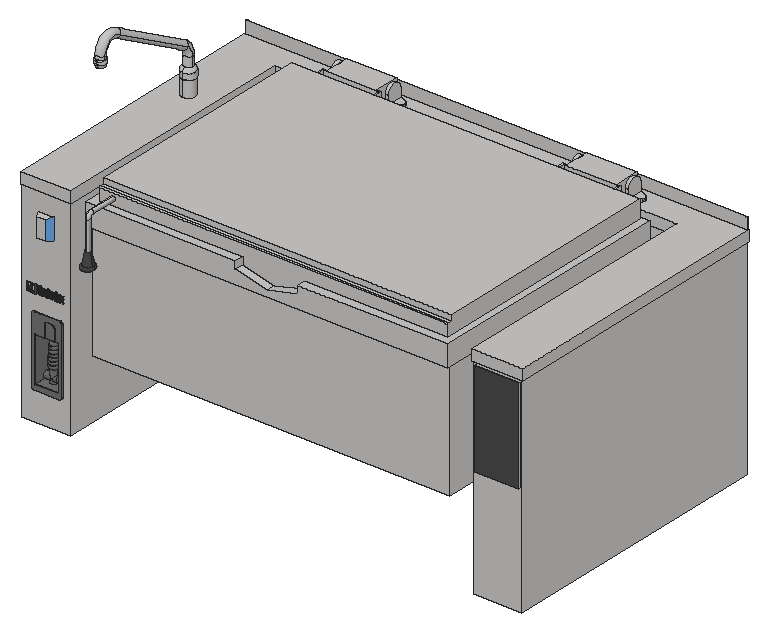
Revit family "QF_ELECTROLUXPROFESSIONAL_586957_PFET17ELES", category Specialty Equipment, Revit 2018
Family settings
  Round Connector Dimension = Use Radius
  Part Type = Normal
  Work Plane-Based = No
  Always vertical = Yes
  Cut with Voids When Loaded = No
  Shared = Yes
  Room Calculation Point = No
Parameters (values of type "Standard")
  Weight = 300.00 kg
  Watts = 0 W
  Volts = 400 V
  URL Manufacturer = "http://professional.electrolux.com"
  URL = "http://professional.electrolux.com"
  Steam Supply Size = 0"
  Steam Supply Minimum Pressure = 0.00 psi
  Steam Supply Maximum Pressure = 0.00 psi
  Steam Pounds per Hour = 0
  Show Logo [instance] = yes
  Refrigeration Suction Line Size = 0"
  Refrigeration Liquid Line Size = 0"
  Refrigerant Compressor Remote = yes
  Plinth Base Finish [instance] = QF_Finishes_Concrete
  Plinth Base [instance] = not(Base Height = 500.00 mm)  # yes
  Phase = 3
  Model = "PFET17ELES"
  Manufacturer = "Electrolux Professional"
  Length Actual = 1600.00 mm  # constant formula
  Item Number = "586957"
  Hot Water Size = 1/2"
  Height Actual = 700.00 mm  # constant formula
  HP = "27.6 HP"
  Gas Size = 0"
  Gas KW = 0
  Gas Input Pressure = 0.0 Btu/h
  Direct Waste Size = 0"
  Description = "EL. TILTING BRAISING PAN,AUTO H/C WATER FILL INLET,SPRAY GUN, 170L,H700,COMPOUND,BS,FS,D900,REAR CLS KIT,GUID.COOK.S"
  Depth Actual = 900.00 mm  # constant formula
  Cycle = 50 Hz
  Condensate Return Size = 0"
  Compressed Air Volume = 0 GPM
  Compressed Air Size = 0"
  Compressed Air Pressure = 0.00 psi
  Cold Water Size = 1/2"
  Bracket [instance] = Base Height = 500.00 mm  # no
  Body Finish [instance] = QF_Finishes_Stainless Steel
  Base Height = 200.00 mm
  Show Clearance [instance] = yes
  Assembly Code = ""
  Accessory = yes
Reference planes
  plane 1 "BACK": y = 0
  plane 2: z = 0
  plane 3 "LEFT": x = 0
  plane 4 "RIGHT": x = 1600
  plane 5 "FRONT": y = -900
  plane 6 "TOP": z = 900
  plane 7: z = 200
  plane 8 "Center": x = 800
  plane 9: y = -450
  plane 10: y = -920
  plane 11: z = 913.881
  plane 12: z = 1845
  plane 13: y = -971
Forms (mm)
  Extrusion 1, solid, material "QF_Finishes_Stainless Steel" <- "Body Finish"
    sketch origin (0, 0, 900) x (-1, 0, 0) y (0, -1, 0)
      loop
        line (0, 0) -> (0, 900) -> (-160, 900) -> (-160, 86) -> (-1440, 86) -> (-1440, 900) -> (-1600, 900) -> (-1600, 0) -> (0, 0)
    from 0 to -35
  Extrusion 2, solid, material "QF_Finishes_Stainless Steel" <- "Body Finish"
    sketch origin (0, 0, 0) x (1, 0, 0) y (0, 0, 1)
      loop
        line (157, 865) -> (157, 500) -> (1443, 500) -> (1443, 865) -> (157, 865)
    from 3 to 83
  Extrusion 3, solid, material "QF_Finishes_Stainless Steel" <- "Body Finish"
    sketch origin (0, 0, 0) x (1, 0, 0) y (0, 0, 1)
      loop
        line (230, 454.5) -> (1370, 454.5) -> (1370, 833) -> (230, 833) -> (230, 454.5)
    from 120.7 to 900
  Extrusion 4, solid, material "QF_Finishes_Stainless Steel" <- "Body Finish"
    sketch origin (-975.299, -4572, 900) x (-1, 0, 0) y (0, -1, 0)
      loop
        line (-1300.839, -4446.3) -> (-1304.839, -4446.3) -> (-1304.839, -4467) -> (-1480.839, -4467) -> (-1480.839, -4446.3) -> (-1484.839, -4446.3) -> (-1484.839, -4471) -> (-1472.239, -4471) -> (-1472.239, -4549.945) -> (-1313.239, -4549.945) -> (-1313.239, -4471) -> (-1300.839, -4471) -> (-1300.839, -4446.3)
      loop
        line (-2249.759, -4446.3) -> (-2249.759, -4471) -> (-2237.359, -4471) -> (-2237.359, -4549.945) -> (-2078.359, -4549.945) -> (-2078.359, -4471) -> (-2065.759, -4471) -> (-2065.759, -4446.3) -> (-2069.759, -4446.3) -> (-2069.759, -4467) -> (-2245.759, -4467) -> (-2245.759, -4446.3) -> (-2249.759, -4446.3)
    from 11 to 56
  Sweep 5, solid, material "QF_Finishes_Stainless Steel" <- "Body Finish"
    path origin (287.976, 0, 0) x (0, 1, 0) y (0, 0, 1)
      loop
        line (-890.7, 920) -> (-978.7, 920)
        arc (-978.7, 920) -> (-987.27, 916.45) -> (-990.819, 907.881) r 12.119
        line (-990.819, 907.881) -> (-990.819, 813.956)
    profile origin (287.976, -934.7, 920) x (0, 0, -1) y (1, 0, 0)
      loop
        circle (0, 0) r 6.119
  Revolve 6, solid, material "QF_Finishes_Black"
    sketch origin (0, -990.819, 0) x (1, 0, 0) y (0, 0, 1)
      loop
        line (287.976, 764.909) -> (304.041, 764.909)
        arc (304.041, 764.909) -> (309.041, 769.909) -> (304.041, 774.909) r 5
        line (304.041, 774.909) -> (296.452, 813.956) -> (287.976, 813.956) -> (287.976, 764.909)
      axis (287.976, 813.956) -> (287.976, 764.909)
    angle from 0 to 360
  Extrusion 7, void
    sketch origin (0, -820, 0) x (1, 0, 0) y (0, 0, 1)
      loop
        line (700.793, 900) -> (700.793, 876.744) -> (800.793, 851.202) -> (900.793, 876.744) -> (900.793, 900) -> (700.793, 900)
    from 70.7 to 100
  Extrusion 8, solid, material "QF_Finishes_Stainless Steel" <- "Body Finish"
    sketch origin (337.94, -101, 900) x (0, 1, 0) y (0, 0, -1)
      loop
        line (31, 0) -> (31, -32)
        arc (31, -32) -> (54.973, -55.973) -> (78.945, -32) r 23.973
        line (78.945, -32) -> (78.945, 0) -> (31, 0)
    from 0 to 12.9
  Extrusion 9, solid, material "QF_Finishes_Stainless Steel" <- "Body Finish"
    sketch origin (509.84, -101, 900) x (0, 1, 0) y (0, 0, -1)
      loop
        line (31, 0) -> (31, -32)
        arc (31, -32) -> (54.973, -55.973) -> (78.945, -32) r 23.973
        line (78.945, -32) -> (78.945, 0) -> (31, 0)
    from 0 to 12.9
  Extrusion 10, solid, material "QF_Finishes_Stainless Steel" <- "Body Finish"
    sketch origin (862.06, -101, 900) x (0, 1, 0) y (0, 0, 1)
      loop
        line (31, 0) -> (78.945, 0) -> (78.945, 32)
        arc (78.945, 32) -> (54.973, 55.973) -> (31, 32) r 23.973
        line (31, 32) -> (31, 0)
    from 400 to 412.9
  Extrusion 11, solid, material "QF_Finishes_Stainless Steel" <- "Body Finish"
    sketch origin (690.16, -101, 900) x (0, 1, 0) y (0, 0, 1)
      loop
        line (31, 0) -> (78.945, 0) -> (78.945, 32)
        arc (78.945, 32) -> (54.973, 55.973) -> (31, 32) r 23.973
        line (31, 32) -> (31, 0)
    from 400 to 412.9
  Extrusion 12, solid, material "QF_Finishes_Stainless Steel" <- "Body Finish"
    sketch origin (1443, -897, 0) x (1, 0, 0) y (0, 0, 1)
      loop
        line (7, 553.501) -> (147, 553.501) -> (147, 855) -> (7, 855) -> (7, 553.501)
    from 0 to 5
  Blend 13, solid, material "QF_Finishes_Stainless Steel" <- "Body Finish"
    base sketch origin (157, -897, 0) x (-1, 0, 0) y (0, 0, -1)
      loop
        line (100.5, -805.4) -> (100.5, -738.6) -> (53.5, -738.6) -> (53.5, -805.4) -> (100.5, -805.4)
    top sketch origin (157, -897, 0) x (-1, 0, 0) y (0, 0, -1)
      loop
        line (90.448, -802.617) -> (90.448, -741.383) -> (63.552, -741.383) -> (63.552, -802.617) -> (90.448, -802.617)
    from 0 to 20.065
  Extrusion 14, solid, material "QF_Finishes_Stainless Steel" <- "Body Finish"
    sketch origin (0, 0, 900) x (-1, 0, 0) y (0, -1, 0)
      loop
        line (-298.768, 36.346) -> (-295.234, 39.408) -> (-293.291, 43.662) -> (-293.291, 47.996) -> (-295.234, 52.592) -> (-298.768, 55.654) -> (-325.04, 70) -> (-325.04, 22) -> (-298.768, 36.346)
      loop
        line (-536.112, 36.346) -> (-509.84, 22) -> (-509.84, 70) -> (-536.112, 55.654) -> (-539.646, 52.592) -> (-541.589, 47.996) -> (-541.589, 43.662) -> (-539.646, 39.408) -> (-536.112, 36.346)
      loop
        line (-1063.888, 36.346) -> (-1060.354, 39.408) -> (-1058.411, 43.662) -> (-1058.411, 47.996) -> (-1060.354, 52.592) -> (-1063.888, 55.654) -> (-1090.16, 70) -> (-1090.16, 22) -> (-1063.888, 36.346)
      loop
        line (-1301.232, 36.346) -> (-1274.96, 22) -> (-1274.96, 70) -> (-1301.232, 55.654) -> (-1304.766, 52.592) -> (-1306.709, 47.996) -> (-1306.709, 43.662) -> (-1304.766, 39.408) -> (-1301.232, 36.346)
    from 0 to 8
  Extrusion 15, solid, material "QF_Finishes_Stainless Steel" <- "Body Finish"
    sketch origin (0, 0, 0) x (0, 1, 0) y (0, 0, 1)
      loop
        line (-875.7, 957.5) -> (-875.7, 939.75) -> (-887.664, 939.75)
        arc (-887.664, 939.75) -> (-889.835, 938.566) -> (-890.7, 936.25) r 3.536
        line (-890.7, 936.25) -> (-890.7, 900) -> (-125.7, 900) -> (-125.7, 957.5) -> (-875.7, 957.5)
    from 245.454 to 1355.493
  Revolve 16, solid, material "QF_Finishes_Stainless Steel" <- "Body Finish"
    sketch origin (-975.299, -4572, 730) x (-1, 0, 0) y (0, -1, 0)
      loop
        line (-1205.299, -4000) -> (-1138.736, -4000) -> (-1138.736, -4030) -> (-1132.299, -4030) -> (-1132.299, -3943) -> (-1205.299, -3943) -> (-1205.299, -4000)
      loop
        line (-2345.299, -4000) -> (-2345.299, -3943) -> (-2418.299, -3943) -> (-2418.299, -4030) -> (-2411.861, -4030) -> (-2411.861, -4000) -> (-2345.299, -4000)
      axis (-1132.299, -3943) -> (-2418.299, -3943)
    angle from 0 to 360
  Extrusion 17, solid, material "QF_Finishes_Stainless Steel" <- "Body Finish", visible <- "Bracket"
    sketch origin (0, 0, -400) x (0, 1, 0) y (0, 0, 1)
      loop
        line (0, 900) -> (-200, 900) -> (-200, 850) -> (-136.36, 786.36) -> (0, 786.36) -> (0, 900)
    from 25.741 to 134.773
  Extrusion 18, solid, material "QF_Finishes_Stainless Steel" <- "Body Finish", visible <- "Bracket"
    sketch origin (1040, 0, -400) x (0, 1, 0) y (0, 0, 1)
      loop
        line (0, 900) -> (-200, 900) -> (-200, 850) -> (-136.36, 786.36) -> (0, 786.36) -> (0, 900)
    from 425.741 to 534.773
  Extrusion 19, solid, material "QF_Finishes_Stainless Steel" <- "Body Finish"
    sketch origin (-975.299, -4572, 900) x (-1, 0, 0) y (0, -1, 0)
      loop
        line (-1199.802, -4456.3) -> (-1199.802, -3652) -> (-2353.192, -3652) -> (-2353.192, -4456.3) -> (-1199.802, -4456.3)
    from -67 to 0
  Extrusion 20, solid, material "QF_Finishes_Clearance", visible <- "Show Clearance", detail levels coarse
    sketch origin (337.94, -101, 900) x (0, 1, 0) y (0, 0, -1)
      loop
        line (-159.261, -945) -> (78.945, -56) -> (-791.055, -56)
        arc (-791.055, -56) -> (-654.561, -627.998) -> (-159.261, -945) r 785.603
    from -1017.553 to 92.486
  Extrusion 21, solid, material "QF_Finishes_Clearance", visible <- "Show Clearance", detail levels coarse
    sketch origin (600, 0, 0) x (0, 1, 0) y (0, 0, 1)
      loop
        line (-900, 450.365) -> (-900, 833) -> (-920, 833) -> (-920, 900)
        arc (-920, 900) -> (-971.101, 672.465) -> (-900, 450.365) r 444.593
    from -375.497 to 777.893
  Extrusion 22, solid, material "QF_Finishes_Stainless Steel"
    sketch origin (0, 0, 386.36) x (0, 0, 1) y (1, 0, 0)
      loop
        circle (8.64, 106.204) r 6.35
      loop
        circle (8.64, 46.204) r 6.35
    from 0 to 5
  Extrusion 23, solid, material "QF_Finishes_Stainless Steel"
    sketch origin (1040, 0, 386.36) x (0, 0, 1) y (1, 0, 0)
      loop
        circle (8.64, 481.204) r 6.35
    from 0 to 5
  Extrusion 24, solid, material "QF_Finishes_Stainless Steel" <- "Body Finish"
    sketch origin (0, -100, 0) x (1, 0, 0) y (0, 1, 0)
      loop
        line (157, 97) -> (3, 97) -> (3, -797) -> (157, -797) -> (157, 97)
      loop
        line (1597, 97) -> (1443, 97) -> (1443, -797) -> (1597, -797) -> (1597, 97)
    from 200 to 865
  Extrusion 25, solid, material "Navy Blue", visible <- "Show Logo"
    sketch origin (160, -897, 0) x (-1, 0, 0) y (0, 0, -1)
      loop
        line (101.332, -593.18) -> (109.793, -593.18) -> (109.793, -583.327)
        arc (109.793, -583.327) -> (108.679, -580.639) -> (105.991, -579.525) r 3.802
        line (105.991, -579.525) -> (101.168, -579.525) -> (101.168, -581.736) -> (105.441, -581.736)
        arc (105.441, -581.736) -> (106.845, -582.21) -> (107.442, -583.566) r 1.838
        line (107.442, -583.566) -> (107.442, -585.52) -> (101.698, -585.52) -> (101.698, -587.738) -> (107.442, -587.738) -> (107.442, -590.968) -> (101.332, -590.968) -> (101.332, -593.18)
      loop
        line (99.498, -593.18) -> (99.498, -579.525) -> (97.146, -579.525) -> (97.146, -593.18) -> (99.498, -593.18)
      loop
        line (48.417, -593.18) -> (48.417, -579.525) -> (46.064, -579.525) -> (46.064, -593.18) -> (48.417, -593.18)
      loop
        line (93.257, -583.886) -> (85.539, -583.886)
        arc (85.539, -583.886) -> (86.746, -588.126) -> (90.874, -589.672) r 4.89
        arc (90.874, -589.672) -> (94.51, -587.828) -> (95.548, -583.886) r 4.976
        arc (95.548, -583.886) -> (94.182, -580.589) -> (90.886, -579.224) r 4.662
        arc (90.886, -579.224) -> (88.32, -579.602) -> (86.169, -581.05) r 5.86
        line (86.169, -581.05) -> (87.562, -582.444)
        arc (87.562, -582.444) -> (89.391, -581.347) -> (91.516, -581.531) r 3.458
        arc (91.516, -581.531) -> (92.812, -582.394) -> (93.257, -583.886) r 2.29
      loop
        line (93.198, -585.539) -> (87.902, -585.539)
        arc (87.902, -585.539) -> (88.645, -587.103) -> (90.278, -587.679) r 2.256
        arc (90.278, -587.679) -> (92.162, -587.188) -> (93.198, -585.539) r 2.64
      loop
        line (76.371, -586.524) -> (74.894, -588)
        arc (74.894, -588) -> (76.746, -589.341) -> (78.997, -589.742) r 5.117
        arc (78.997, -589.742) -> (82.429, -588.487) -> (84.231, -585.308) r 5.293
        arc (84.231, -585.308) -> (81.194, -579.733) -> (74.977, -581.018) r 5.33
        line (74.977, -581.018) -> (76.446, -582.487)
        arc (76.446, -582.487) -> (79.616, -581.438) -> (81.887, -583.886) r 3.088
        arc (81.887, -583.886) -> (81.729, -585.821) -> (80.396, -587.234) r 2.933
        arc (80.396, -587.234) -> (78.264, -587.559) -> (76.371, -586.524) r 3.369
      loop
        line (73.45, -593.18) -> (73.45, -583.849)
        arc (73.45, -583.849) -> (73.246, -582.449) -> (72.722, -581.135) r 6.031
        arc (72.722, -581.135) -> (71.044, -579.8) -> (68.918, -579.519) r 4.018
        line (68.918, -579.519) -> (68.918, -581.723)
        arc (68.918, -581.723) -> (69.55, -581.771) -> (70.139, -582.005) r 2.118
        arc (70.139, -582.005) -> (70.895, -582.804) -> (71.098, -583.886) r 1.949
        line (71.098, -583.886) -> (71.098, -587.265) -> (68.962, -587.265) -> (68.962, -589.401) -> (71.098, -589.401) -> (71.098, -593.18) -> (73.45, -593.18)
      loop
        arc (64.65, -584.717) -> (64.482, -585.701) -> (63.997, -586.574) r 2.967
        arc (63.997, -586.574) -> (62.588, -587.297) -> (61.004, -587.265) r 3.231
        line (61.004, -587.265) -> (61.004, -589.525)
        arc (61.004, -589.525) -> (63.073, -589.33) -> (64.65, -587.977) r 3.432
        line (64.65, -587.977) -> (64.65, -589.401) -> (66.983, -589.401) -> (66.983, -579.525) -> (64.65, -579.525) -> (64.65, -584.717)
      loop
        circle (55.254, -584.461) r 5.233
      loop
        circle (55.254, -584.461) r 3.172
      loop
        arc (37.582, -583.638) -> (38.162, -582.041) -> (39.738, -581.405) r 2.088
        arc (39.738, -581.405) -> (41.313, -582.041) -> (41.894, -583.638) r 2.088
        line (41.894, -583.638) -> (41.894, -589.401) -> (44.266, -589.401) -> (44.266, -583.442)
        arc (44.266, -583.442) -> (42.916, -580.365) -> (39.738, -579.275) r 4.181
        arc (39.738, -579.275) -> (36.524, -580.398) -> (35.211, -583.539) r 4.181
        line (35.211, -583.539) -> (35.211, -589.401) -> (37.582, -589.401) -> (37.582, -583.638)
      loop
        line (33.789, -589.401) -> (30.374, -584.764) -> (34.126, -579.522) -> (31.598, -579.522) -> (29.107, -583.001) -> (26.58, -579.522) -> (24.068, -579.522) -> (27.767, -584.817) -> (24.385, -589.401) -> (26.952, -589.401) -> (29.115, -586.469) -> (31.245, -589.401) -> (33.789, -589.401)
      loop
        line (108.47, -573.865) -> (110.346, -573.865) -> (110.346, -569.143) -> (109.319, -569.143) -> (109.319, -570.769) -> (108.185, -570.769)
        arc (108.185, -570.769) -> (106.916, -572.447) -> (108.47, -573.865) r 1.561
      loop
        arc (108.23, -571.697) -> (107.841, -572.304) -> (108.23, -572.911) r 0.668
        line (108.23, -572.911) -> (109.319, -572.911) -> (109.319, -571.697) -> (108.23, -571.697)
      loop
        line (101.061, -573.865) -> (102.968, -573.865) -> (102.968, -569.143) -> (101.942, -569.143) -> (101.942, -570.769) -> (100.949, -570.769) -> (100.27, -569.143) -> (99.168, -569.143) -> (100.097, -571.134)
        arc (100.097, -571.134) -> (99.652, -571.665) -> (99.502, -572.343) r 1.458
        arc (99.502, -572.343) -> (99.971, -573.421) -> (101.061, -573.865) r 1.559
      loop
        line (101.942, -572.911) -> (101.942, -571.697) -> (100.852, -571.697)
        arc (100.852, -571.697) -> (100.464, -572.304) -> (100.852, -572.911) r 0.668
        line (100.852, -572.911) -> (101.942, -572.911)
      loop
        circle (93.139, -571.504) r 2.453
      loop
        circle (93.139, -571.504) r 1.557
      loop
        line (86.655, -573.865) -> (86.655, -569.143) -> (85.654, -569.143) -> (85.654, -570.793) -> (83.876, -570.793) -> (83.876, -571.851) -> (85.654, -571.851) -> (85.654, -572.847) -> (83.706, -572.847) -> (83.706, -573.865) -> (86.655, -573.865)
      loop
        line (79.724, -573.865) -> (79.724, -570.677)
        arc (79.724, -570.677) -> (79.288, -569.596) -> (78.213, -569.146) r 1.51
        line (78.213, -569.146) -> (76.689, -569.146) -> (76.689, -570.038) -> (78.122, -570.038)
        arc (78.122, -570.038) -> (78.65, -570.475) -> (78.753, -571.151) r 0.961
        line (78.753, -571.151) -> (76.866, -571.151) -> (76.866, -572.043) -> (78.753, -572.043) -> (78.753, -572.973) -> (76.735, -572.973) -> (76.735, -573.865) -> (79.724, -573.865)
      loop
        arc (62.624, -573.267) -> (63.249, -573.78) -> (64.041, -573.943) r 1.69
        arc (64.041, -573.943) -> (64.773, -573.764) -> (65.374, -573.31) r 1.872
        arc (65.374, -573.31) -> (65.486, -572.238) -> (64.794, -571.411) r 1.385
        arc (64.794, -571.411) -> (64.212, -571.217) -> (63.66, -570.95) r 4.78
        arc (63.66, -570.95) -> (63.312, -570.539) -> (63.552, -570.057) r 0.489
        arc (63.552, -570.057) -> (63.998, -569.952) -> (64.442, -570.065) r 0.963
        arc (64.442, -570.065) -> (64.826, -570.341) -> (65.061, -570.752) r 1.118
        line (65.061, -570.752) -> (65.887, -570.367)
        arc (65.887, -570.367) -> (65.589, -569.793) -> (65.11, -569.36) r 1.815
        arc (65.11, -569.36) -> (64.566, -569.127) -> (63.978, -569.068) r 1.957
        arc (63.978, -569.068) -> (63.25, -569.213) -> (62.595, -569.561) r 2.556
        arc (62.595, -569.561) -> (62.305, -570.331) -> (62.455, -571.139) r 1.535
        arc (62.455, -571.139) -> (62.778, -571.512) -> (63.19, -571.781) r 1.779
        arc (63.19, -571.781) -> (63.712, -572.014) -> (64.248, -572.215) r 9.371
        arc (64.248, -572.215) -> (64.557, -572.696) -> (64.11, -573.053) r 0.427
        arc (64.11, -573.053) -> (63.575, -572.924) -> (63.163, -572.558) r 1.135
        line (63.163, -572.558) -> (62.624, -573.267)
      loop
        line (58.291, -573.865) -> (58.291, -569.146) -> (57.321, -569.146) -> (57.321, -573.865) -> (58.291, -573.865)
      loop
        circle (50.779, -571.506) r 1.468
      loop
        circle (50.779, -571.506) r 2.451
      loop
        line (44.27, -569.146) -> (43.289, -569.146) -> (43.289, -572.113) -> (41.131, -569.146) -> (40.187, -569.146) -> (40.187, -573.865) -> (41.168, -573.865) -> (41.168, -570.808) -> (43.326, -573.865) -> (44.27, -573.865) -> (44.27, -569.146)
      loop
        line (35.295, -569.146) -> (34.836, -570.164) -> (33.09, -570.164) -> (32.631, -569.146) -> (31.588, -569.146) -> (33.581, -573.865) -> (34.491, -573.865) -> (36.337, -569.146) -> (35.295, -569.146)
      loop
        line (33.526, -571.132) -> (33.993, -572.169) -> (34.447, -571.132) -> (33.526, -571.132)
      loop
        line (26.769, -570.038) -> (26.769, -573.865) -> (27.739, -573.865) -> (27.739, -569.146) -> (24.954, -569.146) -> (24.954, -570.038) -> (26.769, -570.038)
      loop
        arc (69.698, -573.267) -> (70.324, -573.78) -> (71.116, -573.943) r 1.69
        arc (71.116, -573.943) -> (71.847, -573.764) -> (72.449, -573.31) r 1.872
        arc (72.449, -573.31) -> (72.56, -572.238) -> (71.868, -571.411) r 1.385
        arc (71.868, -571.411) -> (71.287, -571.217) -> (70.735, -570.95) r 4.78
        arc (70.735, -570.95) -> (70.386, -570.539) -> (70.627, -570.057) r 0.489
        arc (70.627, -570.057) -> (71.073, -569.952) -> (71.517, -570.065) r 0.963
        arc (71.517, -570.065) -> (71.901, -570.341) -> (72.136, -570.752) r 1.118
        line (72.136, -570.752) -> (72.961, -570.367)
        arc (72.961, -570.367) -> (72.664, -569.793) -> (72.184, -569.36) r 1.815
        arc (72.184, -569.36) -> (71.64, -569.127) -> (71.052, -569.068) r 1.957
        arc (71.052, -569.068) -> (70.325, -569.213) -> (69.669, -569.561) r 2.556
        arc (69.669, -569.561) -> (69.38, -570.331) -> (69.529, -571.139) r 1.535
        arc (69.529, -571.139) -> (69.852, -571.512) -> (70.265, -571.781) r 1.779
        arc (70.265, -571.781) -> (70.787, -572.014) -> (71.322, -572.215) r 9.371
        arc (71.322, -572.215) -> (71.632, -572.696) -> (71.185, -573.053) r 0.427
        arc (71.185, -573.053) -> (70.649, -572.924) -> (70.238, -572.558) r 1.135
        line (70.238, -572.558) -> (69.698, -573.267)
      loop
        line (124.467, -593.367) -> (124.467, -568.534)
        arc (124.467, -568.534) -> (115.287, -580.95) -> (124.467, -593.367) r 12.987
      loop
        arc (125.423, -593.446) -> (135.891, -591.227) -> (141.022, -581.837) r 12.809
        line (141.022, -581.837) -> (135.422, -581.837)
        arc (135.422, -581.837) -> (128.84, -585.012) -> (125.423, -591.472) r 11.707
        line (125.423, -591.472) -> (125.423, -593.446)
      loop
        arc (125.73, -570.332) -> (129.585, -577.251) -> (136.925, -580.23) r 11.93
        line (136.925, -580.23) -> (141.033, -580.23)
        arc (141.033, -580.23) -> (136.066, -570.804) -> (125.73, -568.215) r 13.06
        line (125.73, -568.215) -> (125.73, -570.332)
      loop
        line (141.976, -594.722) -> (141.976, -567.122) -> (114.339, -567.122) -> (114.339, -594.722) -> (141.976, -594.722)
    from 0 to 0.697
  Extrusion 26, void
    sketch origin (0, -900, 0) x (1, 0, 0) y (0, 0, 1)
      loop
        line (125.4, 500.944) -> (43.4, 500.944) -> (43.4, 305.944) -> (125.4, 305.944) -> (125.4, 500.944)
    from 0 to -63
  Extrusion 27, solid, material "QF_Finishes_Stainless Steel"
    sketch origin (800, -100, 0) x (0, 1, 0) y (0, 0, 1)
      loop
        line (98, 937.998) -> (98, 900) -> (100, 900) -> (100, 937.998) -> (98, 937.998)
    from 800 to -800
Cuts and joins
  Extrusion 7 cuts Extrusion 19
  joined: Extrusion 3, Extrusion 15, Extrusion 19
  Extrusion 26 cuts Extrusion 24
Lines and regions (mm)
  Split face 1
    outline origin (1443, -902, 0) x (1, 0, 0) y (0, 0, 1)
      loop
        line (7.625, 638.501) -> (7.625, 554.126) -> (146.375, 554.126) -> (146.375, 638.501) -> (7.625, 638.501)
  Split face 2
    outline origin (1443, -902, 0) x (1, 0, 0) y (0, 0, 1)
      loop
        line (21.373, 638.501) -> (132.623, 638.501) -> (132.623, 843.501) -> (21.373, 843.501) -> (21.373, 638.501)
  symbolic lines
    curve 1: line (1600, 0, 900) -> (0, 0, 900)
    curve 2: line (1600, -900, 900) -> (1600, 0, 900)
    curve 3: line (1440, -900, 900) -> (1600, -900, 900)
    curve 4: line (1440, -86, 900) -> (1440, -900, 900)
    curve 5: line (0, 0, 900) -> (0, -900, 900)
    curve 6: line (160, -900, 900) -> (160, -86, 900)
    curve 7: line (0, -900, 900) -> (160, -900, 900)
    curve 8: line (160, -86, 900) -> (337.94, -86, 900)
    curve 9: line (496.94, -86, 900) -> (1103.06, -86, 900)
    curve 10: line (1262.06, -86, 900) -> (1440, -86, 900)
    curve 11: line (224.503, -115.7, 900) -> (325.54, -115.7, 900)
    curve 12: line (329.54, -115.7, 900) -> (505.54, -115.7, 900)
    curve 13: line (509.54, -115.7, 900) -> (1090.46, -115.7, 900)
    curve 14: line (1094.46, -115.7, 900) -> (1270.46, -115.7, 900)
    curve 15: line (1377.893, -115.7, 900) -> (1274.46, -115.7, 900)
    curve 16: line (1377.893, -115.7, 900) -> (1377.893, -920, 900)
    curve 17: line (224.503, -115.7, 900) -> (224.503, -920, 900)
    curve 18: line (1440, -572, 900) -> (1377.893, -572, 900)
    curve 19: line (1440, -686, 900) -> (1377.893, -686, 900)
    curve 20: line (160, -572, 900) -> (224.503, -572, 900)
    curve 21: line (160, -686, 900) -> (224.503, -686, 900)
    curve 29: line (0, -2, 0) -> (1600, -2, 0)
  symbolic lines, style "QF-Clearances", visible <- "Show Clearance", detail levels coarse
    curve 22: line (550, -550, 900) -> (1050, -550, 900)
    curve 23: line (550, -1750, 900) -> (550, -550, 900)
    curve 24: line (1050, -1750, 900) -> (550, -1750, 900)
    curve 25: line (1050, -550, 900) -> (1050, -1750, 900)
    curve 26: line (550, -1150, 900) -> (750, -1750, 900)
    curve 27: line (1050, -1150, 900) -> (850, -1750, 900)
    curve 28: circle (800, -1700, 900) r 25 normal (0, 0, 1)
Dimensions and locks
  plane 3 "LEFT" to plane 4 "RIGHT" = 1600.00 mm
  plane 4 "RIGHT" to plane 3 "LEFT" = 1600.00 mm
  plane 1 "BACK" to plane 5 "FRONT" = 900.00 mm
  plane 5 "FRONT" to plane 1 "BACK" = 900.00 mm
  plane 6 "TOP" to level = 900.00 mm
  "Base Height": plane 7 to level
  equal spacing: plane 5 "FRONT", plane 9, plane 1 "BACK"
  equal spacing: plane 3 "LEFT", plane 8 "Center", plane 4 "RIGHT"
  plane 10 to plane 1 "BACK" = 920.00 mm
  plane 6 "TOP" to Extrusion 3 sketch curve to Extrusion 3 sketch curve = 67.00 mm locked, 378.50 mm locked
  plane 6 "TOP" to Extrusion 12 sketch curve to Extrusion 12 sketch curve = 45.00 mm locked, 301.499 mm locked
  plane 6 "TOP" to Extrusion 17 sketch curve to Extrusion 17 sketch curve to Extrusion 17 sketch curve = 400.00 mm locked, 50.00 mm locked, 63.64 mm locked
  plane 6 "TOP" to Extrusion 18 sketch curve to Extrusion 18 sketch curve to Extrusion 18 sketch curve = 400.00 mm locked, 50.00 mm locked, 63.64 mm locked
  locked: cut or joined group of Extrusion 3, Extrusion 7, Extrusion 15, Extrusion 19 to plane 4 "RIGHT" at 244.507
  Extrusion 14 sketch curve to Extrusion 14 sketch curve to Extrusion 8 to Extrusion 4 to Extrusion 14 sketch curve to Extrusion 14 sketch curve = 31.749 mm locked, 12.90 mm locked, 159.00 mm locked, 12.90 mm locked, 31.749 mm locked
  plane 4 "RIGHT" to Extrusion 10 to Extrusion 10 to Extrusion 11 to Extrusion 11 = 325.04 mm locked, 12.90 mm locked, 159.00 mm locked, 12.90 mm locked
  Extrusion 9 to Extrusion 9 to Extrusion 8 to Extrusion 8 to plane 3 "LEFT" = 12.90 mm locked, 159.00 mm locked, 12.90 mm locked, 325.04 mm locked
  Extrusion 14 sketch curve to Extrusion 14 sketch curve to Extrusion 14 sketch curve to Extrusion 14 sketch curve to plane 4 "RIGHT" = 31.749 mm locked, 184.80 mm locked, 31.749 mm locked, 293.291 mm locked
  Extrusion 4 sketch curve to Extrusion 4 sketch curve to Extrusion 4 sketch curve to Extrusion 4 sketch curve to Extrusion 4 sketch curve to Extrusion 4 sketch curve to plane 4 "RIGHT" = 4.00 mm locked, 8.60 mm locked, 159.00 mm locked, 8.40 mm locked, 4.00 mm locked, 325.54 mm locked
  Extrusion 18 to Extrusion 18 to plane 4 "RIGHT" = 109.032 mm locked, 25.227 mm locked
  Extrusion 7 sketch curve to plane 8 "Center" to Extrusion 7 sketch curve = 100.793 mm locked, 99.207 mm locked
  Extrusion 15 sketch curve to Extrusion 15 sketch curve to Extrusion 15 sketch curve to plane 5 "FRONT" = 11.964 mm locked, 3.036 mm locked, 9.30 mm locked
  locked: Extrusion 19 sketch curve to plane 5 "FRONT" at 20
  cut or joined group of Extrusion 3, Extrusion 7, Extrusion 15, Extrusion 19 to cut or joined group of Extrusion 3, Extrusion 7, Extrusion 15, Extrusion 19 to cut or joined group of Extrusion 3, Extrusion 7, Extrusion 15, Extrusion 19 = 0.00 mm locked, 29.30 mm locked
  Sweep 5 sketch curve to plane 5 "FRONT" to Sweep 5 sketch curve to Sweep 5 sketch curve = 9.30 mm locked, 78.70 mm locked, 12.119 mm locked
  locked: plane 5 "FRONT" to Revolve 6 at 90.819
  plane 6 "TOP" to Extrusion 2 sketch curve to Extrusion 2 sketch curve = 35.00 mm locked, 365.00 mm locked
  plane 12 to plane 6 "TOP" = 945.00 mm
  plane 1 "BACK" to plane 13 = 971.00 mm
  locked: Extrusion 21 to plane 4 "RIGHT" at 222.107
  Extrusion 21 sketch curve to Extrusion 21 sketch curve to Extrusion 21 sketch curve to cut or joined group of Extrusion 3, Extrusion 7, Extrusion 15, Extrusion 19 = 51.54 mm locked, 20.00 mm locked, 9.30 mm locked
  Extrusion 21 sketch curve to Extrusion 21 sketch curve to Extrusion 21 sketch curve = 67.00 mm locked, 382.635 mm locked
  aligned and locked: level to plane 2
  aligned: plane 6 "TOP" to Extrusion 1
  aligned and locked: plane 6 "TOP" to Extrusion 1
  aligned and locked: Revolve 16 to cut or joined group of Extrusion 3, Extrusion 7, Extrusion 15, Extrusion 19
  aligned and locked: cut or joined group of Extrusion 3, Extrusion 7, Extrusion 15, Extrusion 19 to Revolve 16
  aligned and locked: plane 5 "FRONT" to cut or joined group of Extrusion 3, Extrusion 7, Extrusion 15, Extrusion 19
  aligned: cut or joined group of Extrusion 3, Extrusion 7, Extrusion 15, Extrusion 19 to Sweep 5 sketch curve
  aligned: cut or joined group of Extrusion 3, Extrusion 7, Extrusion 15, Extrusion 19 to plane 10
  aligned: Sweep 5 to cut or joined group of Extrusion 3, Extrusion 7, Extrusion 15, Extrusion 19
  aligned and locked: Extrusion 19 to Extrusion 7
  aligned: Extrusion 2 to cut or joined group of Extrusion 3, Extrusion 7, Extrusion 15, Extrusion 19
  aligned and locked: Extrusion 20 to cut or joined group of Extrusion 3, Extrusion 7, Extrusion 15, Extrusion 19  (x2)
  aligned and locked: cut or joined group of Extrusion 3, Extrusion 7, Extrusion 15, Extrusion 19 to Extrusion 21
  aligned and locked: Extrusion 4 to curve 9  (x2)
  aligned and locked: curve 8 to Extrusion 1
  aligned and locked: Extrusion 4 to curve 13  (x2)
  aligned and locked: Extrusion 4 to curve 12  (x2)
  aligned and locked: Extrusion 4 to curve 11
  aligned and locked: curve 17 to cut or joined group of Extrusion 3, Extrusion 7, Extrusion 15, Extrusion 19
  aligned and locked: curve 6 to Extrusion 1
  aligned and locked: Extrusion 4 to curve 14
Automatic sketch dimensions
  Extrusion 17 sketch curve to plane 1 "BACK" = 0.00 mm
  plane 1 "BACK" to Extrusion 17 sketch curve = 136.36 mm
  Extrusion 17 sketch curve to Extrusion 17 sketch curve = 63.64 mm
  Extrusion 18 sketch curve to plane 1 "BACK" = 0.00 mm
  plane 1 "BACK" to Extrusion 18 sketch curve = 136.36 mm
  Extrusion 18 sketch curve to Extrusion 18 sketch curve = 63.64 mm
  plane 1 "BACK" to Extrusion 1 sketch curve = 0.00 mm
  Extrusion 1 sketch curve to plane 4 "RIGHT" = 0.00 mm
  plane 5 "FRONT" to Extrusion 1 sketch curve = 0.00 mm  (x2)
  Extrusion 1 sketch curve to plane 3 "LEFT" = 0.00 mm
  Extrusion 1 sketch curve to plane 4 "RIGHT" = 160.00 mm
  plane 3 "LEFT" to Extrusion 1 sketch curve = 160.00 mm
  plane 1 "BACK" to Extrusion 1 sketch curve = 86.00 mm
  plane 3 "LEFT" to Extrusion 2 sketch curve = 157.00 mm
  Extrusion 2 sketch curve to plane 4 "RIGHT" = 157.00 mm
  plane 3 "LEFT" to Extrusion 3 sketch curve = 230.00 mm
  Extrusion 3 sketch curve to plane 4 "RIGHT" = 230.00 mm
  plane 1 "BACK" to Extrusion 4 sketch curve = 101.00 mm
  Extrusion 4 sketch curve to plane 8 "Center" = 290.46 mm
  Extrusion 4 sketch curve to Extrusion 4 sketch curve = 4.00 mm  (x4)
  Extrusion 4 sketch curve to Extrusion 4 sketch curve = 8.60 mm
  plane 1 "BACK" to Extrusion 4 sketch curve = 22.055 mm  (x2)
  Extrusion 4 sketch curve to Extrusion 4 sketch curve = 159.00 mm
  Extrusion 4 sketch curve to Extrusion 4 sketch curve = 8.40 mm
  Extrusion 4 sketch curve to Extrusion 4 sketch curve = 78.945 mm  (x3)
  Extrusion 4 sketch curve to Extrusion 4 sketch curve = 20.70 mm  (x4)
  plane 6 "TOP" to Sweep 5 sketch curve = 7.881 mm
  Sweep 5 sketch curve to plane 6 "TOP" = 86.044 mm
  Sweep 5 sketch curve to profile plane = 0.00 mm  (x2)
  Revolve 6 sketch curve to plane 6 "TOP" = 135.091 mm
  plane 3 "LEFT" to Revolve 6 sketch curve = 287.976 mm
  Revolve 6 sketch curve to plane 6 "TOP" = 86.044 mm
  Revolve 6 sketch curve to Revolve 6 sketch curve = 8.475 mm
  Revolve 6 sketch curve to Revolve 6 sketch curve = 16.065 mm
  Revolve 6 sketch curve to Revolve 6 sketch curve = 5.00 mm
  Revolve 6 sketch curve to Revolve 6 sketch curve = 0.00 mm
  Revolve 6 sketch curve to Revolve 6 sketch curve = 19.523 mm
  Revolve 6 sketch curve to Revolve 6 sketch curve = 6.381 mm
  plane 8 "Center" to Extrusion 7 sketch curve = 0.793 mm
  Extrusion 7 sketch curve to plane 6 "TOP" = 48.798 mm
  Extrusion 7 sketch curve to plane 6 "TOP" = 23.256 mm  (x2)
  plane 6 "TOP" to Extrusion 7 sketch curve = 0.00 mm
  Extrusion 8 sketch curve to Extrusion 4 = 0.00 mm
  Extrusion 4 to Extrusion 8 sketch curve = 23.973 mm
  Extrusion 4 to Extrusion 8 sketch curve = 21.00 mm
  Extrusion 8 sketch curve to Extrusion 4 = 11.00 mm
  Extrusion 9 sketch curve to plane 6 "TOP" = 0.00 mm
  plane 1 "BACK" to Extrusion 9 sketch curve = 70.00 mm
  Extrusion 9 sketch curve to Extrusion 9 sketch curve = 23.973 mm
  plane 6 "TOP" to Extrusion 9 sketch curve = 32.00 mm
  Extrusion 10 sketch curve to plane 6 "TOP" = 0.00 mm
  plane 1 "BACK" to Extrusion 10 sketch curve = 70.00 mm
  Extrusion 10 sketch curve to Extrusion 10 sketch curve = 23.973 mm
  Extrusion 10 sketch curve to Extrusion 10 sketch curve = 32.00 mm
  Extrusion 11 sketch curve to plane 6 "TOP" = 0.00 mm
  plane 1 "BACK" to Extrusion 11 sketch curve = 70.00 mm
  Extrusion 11 sketch curve to Extrusion 11 sketch curve = 23.973 mm
  Extrusion 11 sketch curve to Extrusion 11 sketch curve = 32.00 mm
  Extrusion 12 sketch curve to plane 4 "RIGHT" = 150.00 mm
  Extrusion 12 sketch curve to plane 4 "RIGHT" = 10.00 mm
  plane 3 "LEFT" to Blend 13 sketch curve = 103.50 mm
  Blend 13 sketch curve to Blend 13 sketch curve = 47.00 mm
  Blend 13 sketch curve to plane 6 "TOP" = 94.60 mm
  Blend 13 sketch curve to Blend 13 sketch curve = 66.80 mm
  plane 3 "LEFT" to Blend 13 sketch curve = 93.448 mm
  Blend 13 sketch curve to Blend 13 sketch curve = 26.896 mm
  Blend 13 sketch curve to plane 6 "TOP" = 97.383 mm
  Blend 13 sketch curve to Blend 13 sketch curve = 61.233 mm
  plane 1 "BACK" to Extrusion 14 sketch curve = 52.592 mm  (x4)
  Extrusion 14 sketch curve to Extrusion 14 sketch curve = 1.943 mm  (x4)
  plane 1 "BACK" to Extrusion 14 sketch curve = 39.408 mm  (x4)
  plane 1 "BACK" to Extrusion 14 sketch curve = 36.346 mm  (x4)
  Extrusion 14 sketch curve to Extrusion 14 sketch curve = 3.534 mm  (x8)
  plane 1 "BACK" to Extrusion 14 sketch curve = 55.654 mm  (x4)
  Extrusion 14 sketch curve to Extrusion 14 sketch curve = 5.477 mm  (x4)
  plane 1 "BACK" to Extrusion 14 sketch curve = 22.00 mm  (x4)
  Extrusion 14 sketch curve to Extrusion 14 sketch curve = 4.254 mm  (x4)
  Extrusion 14 sketch curve to Extrusion 14 sketch curve = 4.334 mm  (x4)
  Extrusion 14 sketch curve to Extrusion 14 sketch curve = 14.346 mm  (x4)
  Extrusion 15 sketch curve to plane 6 "TOP" = 0.00 mm
  Extrusion 15 sketch curve to Extrusion 15 sketch curve = 3.536 mm
  plane 1 "BACK" to Extrusion 15 sketch curve = 125.70 mm
  Extrusion 15 sketch curve to Extrusion 15 sketch curve = 36.25 mm
  Extrusion 15 sketch curve to Extrusion 15 sketch curve = 57.50 mm
  Revolve 16 sketch curve to plane 4 "RIGHT" = 157.00 mm
  Revolve 16 sketch curve to Revolve 16 sketch curve = 6.437 mm  (x2)
  Revolve 16 sketch curve to Revolve 16 sketch curve = 66.563 mm  (x2)
  plane 3 "LEFT" to Revolve 16 sketch curve = 230.00 mm
  Revolve 16 sketch curve to plane 9 = 92.00 mm  (x2)
  Revolve 16 sketch curve to Revolve 16 sketch curve = 30.00 mm  (x2)
  Revolve 16 sketch curve to Revolve 16 sketch curve = 57.00 mm  (x2)
  Revolve 16 sketch curve to Revolve 16 sketch curve = 5.497 mm  (x2)
  Revolve 16 sketch curve to Revolve 16 sketch curve = 0.00 mm
  Split face 1 sketch curve to Extrusion 12 = 0.625 mm  (x3)
  Split face 1 sketch curve to Split face 1 sketch curve = 84.375 mm
  Split face 2 sketch curve to Extrusion 12 = 14.373 mm
  Split face 2 sketch curve to Extrusion 12 = 14.377 mm
  Split face 2 sketch curve to Extrusion 12 = 85.00 mm
  Split face 2 sketch curve to Extrusion 12 = 11.499 mm
  Extrusion 19 sketch curve to plane 4 "RIGHT" = 222.107 mm
  plane 3 "LEFT" to Extrusion 19 sketch curve = 224.503 mm
  plane 1 "BACK" to Extrusion 19 sketch curve = 115.70 mm
  Extrusion 4 to Extrusion 20 sketch curve = 0.00 mm
  Extrusion 20 sketch curve to Extrusion 4 = 0.00 mm
  Extrusion 4 to Extrusion 20 sketch curve = 14.199 mm
  Extrusion 4 to Extrusion 20 sketch curve = 159.261 mm
  Extrusion 20 sketch curve to Extrusion 20 sketch curve = 776.856 mm
  Extrusion 20 sketch curve to Extrusion 4 = 116.906 mm
  Extrusion 21 sketch curve to plane 6 "TOP" = 0.00 mm
  curve 3 to plane 4 "RIGHT" = 0.00 mm
  plane 5 "FRONT" to curve 3 = 0.00 mm
  curve 16 to plane 10 = 0.00 mm
  curve 5 to plane 3 "LEFT" = 0.00 mm
  plane 1 "BACK" to curve 1 = 0.00 mm
  plane 5 "FRONT" to curve 7 = 0.00 mm
  curve 17 to plane 10 = 0.00 mm
  curve 3 to plane 4 "RIGHT" = 160.00 mm
  curve 4 to curve 16 = 62.107 mm
  plane 1 "BACK" to curve 4 = 86.00 mm
  curve 4 to curve 15 = 29.70 mm
  curve 6 to curve 17 = 29.70 mm
  curve 15 to curve 15 = 103.433 mm
  curve 15 to curve 14 = 4.00 mm
  curve 14 to curve 10 = 8.40 mm
  curve 8 to curve 12 = 8.40 mm
  plane 1 "BACK" to curve 9 = 86.00 mm
  curve 9 to curve 13 = 29.70 mm
  curve 14 to curve 15 = 0.00 mm
  curve 11 to curve 12 = 0.00 mm
  curve 20 to plane 9 = 122.00 mm
  curve 18 to plane 9 = 122.00 mm
  curve 18 to curve 19 = 114.00 mm
  curve 20 to curve 21 = 114.00 mm
  Extrusion 17 to Extrusion 22 sketch curve = 8.64 mm  (x2)
  Extrusion 17 to Extrusion 22 sketch curve = 20.463 mm
  Extrusion 17 to Extrusion 22 sketch curve = 28.569 mm
  Extrusion 18 to Extrusion 23 sketch curve = 8.64 mm
  Extrusion 18 to Extrusion 23 sketch curve = 53.569 mm
  curve 28 to plane 8 "Center" = 0.00 mm
  curve 25 to plane 9 = 100.00 mm
  plane 8 "Center" to curve 25 = 250.00 mm
  curve 23 to plane 8 "Center" = 250.00 mm
  plane 13 to curve 28 = 729.00 mm
  curve 28 to curve 23 = 50.00 mm
  plane 8 "Center" to curve 27 = 50.00 mm
  curve 26 to plane 8 "Center" = 50.00 mm
  plane 13 to curve 27 = 179.00 mm
  plane 13 to curve 26 = 179.00 mm
  plane 3 "LEFT" to Extrusion 24 sketch curve = 3.00 mm
  plane 1 "BACK" to Extrusion 24 sketch curve = 3.00 mm  (x2)
  Extrusion 24 sketch curve to Extrusion 24 sketch curve = 154.00 mm
  Extrusion 24 sketch curve to plane 4 "RIGHT" = 157.00 mm
  Extrusion 24 sketch curve to plane 4 "RIGHT" = 3.00 mm
  Extrusion 24 sketch curve to plane 5 "FRONT" = 3.00 mm  (x2)
  Extrusion 25 sketch curve to Extrusion 25 sketch curve = 0.00 mm  (x33)
  plane 3 "LEFT" to Extrusion 25 sketch curve = 135.932 mm
  Extrusion 25 sketch curve to Extrusion 25 sketch curve = 0.317 mm
  Extrusion 25 sketch curve to Extrusion 25 sketch curve = 0.886 mm
  Extrusion 25 sketch curve to Extrusion 25 sketch curve = 2.512 mm
  Extrusion 25 sketch curve to Extrusion 25 sketch curve = 1.815 mm
  Extrusion 25 sketch curve to Extrusion 25 sketch curve = 2.567 mm
  Extrusion 25 sketch curve to Extrusion 25 sketch curve = 0.97 mm  (x3)
  Extrusion 25 sketch curve to Extrusion 25 sketch curve = 0.815 mm  (x2)
  Extrusion 25 sketch curve to Extrusion 25 sketch curve = 1.341 mm
  Extrusion 25 sketch curve to Extrusion 25 sketch curve = 1.348 mm
  Extrusion 25 sketch curve to Extrusion 25 sketch curve = 1.259 mm
  Extrusion 25 sketch curve to Extrusion 25 sketch curve = 2.13 mm
  Extrusion 25 sketch curve to Extrusion 25 sketch curve = 3.849 mm
  Extrusion 25 sketch curve to Extrusion 25 sketch curve = 2.49 mm
  Extrusion 25 sketch curve to Extrusion 25 sketch curve = 1.043 mm
  Extrusion 25 sketch curve to Extrusion 25 sketch curve = 0.46 mm  (x2)
  Extrusion 25 sketch curve to Extrusion 25 sketch curve = 0.435 mm
  Extrusion 25 sketch curve to Extrusion 25 sketch curve = 0.055 mm  (x2)
  Extrusion 25 sketch curve to Extrusion 25 sketch curve = 2.544 mm
  Extrusion 25 sketch curve to Extrusion 25 sketch curve = 0.468 mm
  Extrusion 25 sketch curve to Extrusion 25 sketch curve = 2.528 mm
  Extrusion 25 sketch curve to Extrusion 25 sketch curve = 0.922 mm
  Extrusion 25 sketch curve to Extrusion 25 sketch curve = 0.91 mm
  Extrusion 25 sketch curve to Extrusion 25 sketch curve = 0.388 mm
  Extrusion 25 sketch curve to Extrusion 25 sketch curve = 1.422 mm
  Extrusion 25 sketch curve to Extrusion 25 sketch curve = 1.042 mm
  Extrusion 25 sketch curve to Extrusion 25 sketch curve = 2.371 mm
  Extrusion 25 sketch curve to Extrusion 25 sketch curve = 1.809 mm  (x2)
  Extrusion 25 sketch curve to Extrusion 25 sketch curve = 0.273 mm  (x2)
  Extrusion 25 sketch curve to Extrusion 25 sketch curve = 0.147 mm
  Extrusion 25 sketch curve to Extrusion 25 sketch curve = 5.696 mm
  Extrusion 25 sketch curve to Extrusion 25 sketch curve = 0.943 mm
  Extrusion 25 sketch curve to Extrusion 25 sketch curve = 0.037 mm  (x3)
  Extrusion 25 sketch curve to Extrusion 25 sketch curve = 2.122 mm
  Extrusion 25 sketch curve to Extrusion 25 sketch curve = 2.372 mm
  Extrusion 25 sketch curve to Extrusion 25 sketch curve = 0.944 mm
  Extrusion 25 sketch curve to Extrusion 25 sketch curve = 1.799 mm
  Extrusion 25 sketch curve to Extrusion 25 sketch curve = 2.353 mm
  Extrusion 25 sketch curve to Extrusion 25 sketch curve = 6.509 mm
  Extrusion 25 sketch curve to Extrusion 25 sketch curve = 6.836 mm
  Extrusion 25 sketch curve to Extrusion 25 sketch curve = 2.068 mm
  Extrusion 25 sketch curve to Extrusion 25 sketch curve = 5.751 mm
  Extrusion 25 sketch curve to Extrusion 25 sketch curve = 0.679 mm
  Extrusion 25 sketch curve to Extrusion 25 sketch curve = 0.728 mm
  Extrusion 25 sketch curve to Extrusion 25 sketch curve = 0.178 mm
  Extrusion 25 sketch curve to Extrusion 25 sketch curve = 4.332 mm
  Extrusion 25 sketch curve to Extrusion 25 sketch curve = 0.539 mm  (x2)
  Extrusion 25 sketch curve to Extrusion 25 sketch curve = 0.634 mm  (x2)
  Extrusion 25 sketch curve to Extrusion 25 sketch curve = 0.036 mm  (x2)
  Extrusion 25 sketch curve to Extrusion 25 sketch curve = 0.114 mm  (x2)
  Extrusion 25 sketch curve to Extrusion 25 sketch curve = 0.807 mm  (x2)
  Extrusion 25 sketch curve to Extrusion 25 sketch curve = 0.007 mm  (x2)
  Extrusion 25 sketch curve to Extrusion 25 sketch curve = 0.156 mm  (x2)
  Extrusion 25 sketch curve to Extrusion 25 sketch curve = 0.005 mm  (x2)
  Extrusion 25 sketch curve to Extrusion 25 sketch curve = 0.083 mm  (x2)
  Extrusion 25 sketch curve to Extrusion 25 sketch curve = 0.13 mm  (x3)
  Extrusion 25 sketch curve to Extrusion 25 sketch curve = 0.009 mm  (x2)
  Extrusion 25 sketch curve to Extrusion 25 sketch curve = 0.159 mm  (x2)
  Extrusion 25 sketch curve to Extrusion 25 sketch curve = 0.075 mm  (x2)
  Extrusion 25 sketch curve to Extrusion 25 sketch curve = 0.025 mm  (x2)
  Extrusion 25 sketch curve to Extrusion 25 sketch curve = 2.918 mm
  Extrusion 25 sketch curve to Extrusion 25 sketch curve = 2.789 mm
  Extrusion 25 sketch curve to Extrusion 25 sketch curve = 0.908 mm  (x2)
  Extrusion 25 sketch curve to Extrusion 25 sketch curve = 0.826 mm  (x2)
  Extrusion 25 sketch curve to Extrusion 25 sketch curve = 0.126 mm  (x2)
  Extrusion 25 sketch curve to Extrusion 25 sketch curve = 2.333 mm
  Extrusion 25 sketch curve to Extrusion 25 sketch curve = 1.257 mm  (x2)
  Extrusion 25 sketch curve to Extrusion 25 sketch curve = 2.771 mm
  Extrusion 25 sketch curve to Extrusion 25 sketch curve = 1.497 mm
  Extrusion 25 sketch curve to Extrusion 25 sketch curve = 1.979 mm
  Extrusion 25 sketch curve to Extrusion 25 sketch curve = 1.653 mm
  Extrusion 25 sketch curve to Extrusion 25 sketch curve = 0.085 mm
  Extrusion 25 sketch curve to Extrusion 25 sketch curve = 0.315 mm
  Extrusion 25 sketch curve to Extrusion 25 sketch curve = 3.811 mm
  Extrusion 25 sketch curve to Extrusion 25 sketch curve = 2.136 mm  (x2)
  Extrusion 25 sketch curve to Extrusion 25 sketch curve = 2.352 mm  (x2)
  Extrusion 25 sketch curve to Extrusion 25 sketch curve = 3.797 mm
  Extrusion 25 sketch curve to Extrusion 25 sketch curve = 1.528 mm
  Extrusion 25 sketch curve to Extrusion 25 sketch curve = 1.476 mm  (x2)
  Extrusion 25 sketch curve to Extrusion 25 sketch curve = 1.469 mm  (x2)
  Extrusion 25 sketch curve to Extrusion 25 sketch curve = 3.728 mm
  Extrusion 25 sketch curve to Extrusion 25 sketch curve = 0.046 mm
  Extrusion 25 sketch curve to Extrusion 25 sketch curve = 0.177 mm
  Extrusion 25 sketch curve to Extrusion 25 sketch curve = 0.947 mm
  Extrusion 25 sketch curve to Extrusion 25 sketch curve = 0.308 mm
  Extrusion 25 sketch curve to Extrusion 25 sketch curve = 0.091 mm
  Extrusion 25 sketch curve to Extrusion 25 sketch curve = 2.375 mm
  Extrusion 25 sketch curve to Extrusion 25 sketch curve = 0.94 mm
  Extrusion 25 sketch curve to Extrusion 25 sketch curve = 0.54 mm
  Extrusion 25 sketch curve to Extrusion 25 sketch curve = 0.102 mm
  Extrusion 25 sketch curve to Extrusion 25 sketch curve = 0.002 mm  (x4)
  Extrusion 25 sketch curve to Extrusion 25 sketch curve = 0.105 mm
  Extrusion 25 sketch curve to Extrusion 25 sketch curve = 0.097 mm
  Extrusion 25 sketch curve to Extrusion 25 sketch curve = 3.982 mm
  Extrusion 25 sketch curve to Extrusion 25 sketch curve = 0.17 mm
  Extrusion 25 sketch curve to Extrusion 25 sketch curve = 6.49 mm
  Extrusion 25 sketch curve to Extrusion 25 sketch curve = 1.777 mm
  Extrusion 25 sketch curve to Extrusion 25 sketch curve = 0.63 mm
  Extrusion 25 sketch curve to Extrusion 25 sketch curve = 1.001 mm
  Extrusion 25 sketch curve to Extrusion 25 sketch curve = 1.393 mm  (x2)
  Extrusion 25 sketch curve to Extrusion 25 sketch curve = 2.363 mm
  Extrusion 25 sketch curve to Extrusion 25 sketch curve = 2.253 mm
  Extrusion 25 sketch curve to Extrusion 25 sketch curve = 0.014 mm  (x3)
  Extrusion 25 sketch curve to Extrusion 25 sketch curve = 0.172 mm
  Extrusion 25 sketch curve to Extrusion 25 sketch curve = 0.096 mm
  Extrusion 25 sketch curve to Extrusion 25 sketch curve = 0.164 mm
  Extrusion 25 sketch curve to Extrusion 25 sketch curve = 0.298 mm
  Extrusion 25 sketch curve to Extrusion 25 sketch curve = 0.247 mm
  Extrusion 25 sketch curve to Extrusion 25 sketch curve = 0.084 mm
  Extrusion 25 sketch curve to Extrusion 25 sketch curve = 6.484 mm
  Extrusion 25 sketch curve to Extrusion 25 sketch curve = 2.596 mm
  Extrusion 25 sketch curve to Extrusion 25 sketch curve = 0.059 mm  (x2)
  Extrusion 25 sketch curve to Extrusion 25 sketch curve = 3.889 mm
  Extrusion 25 sketch curve to Extrusion 25 sketch curve = 6.029 mm
  Extrusion 25 sketch curve to Extrusion 25 sketch curve = 0.929 mm
  Extrusion 25 sketch curve to Extrusion 25 sketch curve = 1.102 mm
  Extrusion 25 sketch curve to Extrusion 25 sketch curve = 0.756 mm  (x2)
  Extrusion 25 sketch curve to Extrusion 25 sketch curve = 0.852 mm
  Extrusion 25 sketch curve to Extrusion 25 sketch curve = 0.108 mm
  Extrusion 25 sketch curve to Extrusion 25 sketch curve = 0.101 mm
  Extrusion 25 sketch curve to Extrusion 25 sketch curve = 0.072 mm
  Extrusion 25 sketch curve to Extrusion 25 sketch curve = 1.67 mm
  Extrusion 25 sketch curve to Extrusion 25 sketch curve = 1.834 mm
  Extrusion 25 sketch curve to Extrusion 25 sketch curve = 0.366 mm
  Extrusion 25 sketch curve to Extrusion 25 sketch curve = 0.993 mm
  Extrusion 25 sketch curve to Extrusion 25 sketch curve = 0.81 mm
  Extrusion 25 sketch curve to Extrusion 25 sketch curve = 1.026 mm  (x2)
  Extrusion 25 sketch curve to Extrusion 25 sketch curve = 4.272 mm
  Extrusion 25 sketch curve to Extrusion 25 sketch curve = 0.163 mm
  Extrusion 25 sketch curve to Extrusion 25 sketch curve = 0.551 mm
  Extrusion 25 sketch curve to Extrusion 25 sketch curve = 6.11 mm
  Extrusion 25 sketch curve to Extrusion 25 sketch curve = 1.451 mm
  Extrusion 25 sketch curve to Extrusion 25 sketch curve = 5.217 mm
  Extrusion 25 sketch curve to Extrusion 25 sketch curve = 0.045 mm  (x2)
  Extrusion 25 sketch curve to Extrusion 25 sketch curve = 0.241 mm
  Extrusion 25 sketch curve to Extrusion 25 sketch curve = 0.039 mm
  Extrusion 25 sketch curve to Extrusion 25 sketch curve = 1.134 mm
  Extrusion 25 sketch curve to Extrusion 25 sketch curve = 2.351 mm
  Extrusion 25 sketch curve to Extrusion 25 sketch curve = 3.993 mm
  Extrusion 25 sketch curve to Extrusion 25 sketch curve = 10.128 mm
  Extrusion 25 sketch curve to Extrusion 25 sketch curve = 0.956 mm
  Extrusion 25 sketch curve to Extrusion 25 sketch curve = 1.263 mm
  Extrusion 25 sketch curve to Extrusion 25 sketch curve = 2.577 mm
  Extrusion 25 sketch curve to Extrusion 25 sketch curve = 0.243 mm
  Extrusion 25 sketch curve to Extrusion 25 sketch curve = 0.031 mm
  Extrusion 25 sketch curve to Extrusion 25 sketch curve = 7.148 mm
  Extrusion 25 sketch curve to Extrusion 25 sketch curve = 1.502 mm
  Extrusion 25 sketch curve to Extrusion 25 sketch curve = 11.54 mm
  Extrusion 25 sketch curve to Extrusion 25 sketch curve = 11.758 mm
  Extrusion 25 sketch curve to Extrusion 25 sketch curve = 4.097 mm
  Extrusion 25 sketch curve to Extrusion 25 sketch curve = 0.011 mm
  Extrusion 25 sketch curve to Extrusion 25 sketch curve = 4.488 mm
  Extrusion 25 sketch curve to plane 6 "TOP" = 305.278 mm
  Extrusion 25 sketch curve to Extrusion 25 sketch curve = 1.276 mm
  Extrusion 25 sketch curve to Extrusion 25 sketch curve = 1.279 mm
  Extrusion 25 sketch curve to Extrusion 25 sketch curve = 0.08 mm
  Extrusion 25 sketch curve to Extrusion 25 sketch curve = 1.542 mm  (x3)
  Extrusion 25 sketch curve to Extrusion 25 sketch curve = 1.975 mm
  Extrusion 25 sketch curve to Extrusion 25 sketch curve = 2.212 mm
  Extrusion 25 sketch curve to Extrusion 25 sketch curve = 3.655 mm
  Extrusion 25 sketch curve to Extrusion 25 sketch curve = 3.779 mm
  Extrusion 25 sketch curve to Extrusion 25 sketch curve = 0.124 mm  (x2)
  Extrusion 25 sketch curve to Extrusion 25 sketch curve = 3.78 mm  (x2)
  Extrusion 25 sketch curve to Extrusion 25 sketch curve = 1.401 mm
  Extrusion 25 sketch curve to Extrusion 25 sketch curve = 1.424 mm
  Extrusion 25 sketch curve to Extrusion 25 sketch curve = 3.23 mm
  Extrusion 25 sketch curve to Extrusion 25 sketch curve = 2.137 mm
  Extrusion 25 sketch curve to Extrusion 25 sketch curve = 1.094 mm
  Extrusion 25 sketch curve to Extrusion 25 sketch curve = 2.932 mm
  Extrusion 25 sketch curve to Extrusion 25 sketch curve = 7.641 mm
  Extrusion 25 sketch curve to Extrusion 25 sketch curve = 2.218 mm
  Extrusion 25 sketch curve to Extrusion 25 sketch curve = 0.113 mm
  Extrusion 25 sketch curve to Extrusion 25 sketch curve = 0.36 mm
  Extrusion 25 sketch curve to Extrusion 25 sketch curve = 0.008 mm
  Extrusion 25 sketch curve to Extrusion 25 sketch curve = 1.652 mm
  Extrusion 25 sketch curve to Extrusion 25 sketch curve = 0.256 mm
  Extrusion 25 sketch curve to Extrusion 25 sketch curve = 1.705 mm
  Extrusion 25 sketch curve to Extrusion 25 sketch curve = 1.454 mm
  Extrusion 25 sketch curve to Extrusion 25 sketch curve = 0.095 mm
  Extrusion 25 sketch curve to Extrusion 25 sketch curve = 0.109 mm
  Extrusion 25 sketch curve to Extrusion 25 sketch curve = 1.893 mm
  Extrusion 25 sketch curve to Extrusion 25 sketch curve = 0.003 mm
  Extrusion 25 sketch curve to Extrusion 25 sketch curve = 2.803 mm
  Extrusion 25 sketch curve to Extrusion 25 sketch curve = 0.12 mm  (x3)
  Extrusion 25 sketch curve to Extrusion 25 sketch curve = 0.02 mm
  Extrusion 25 sketch curve to Extrusion 25 sketch curve = 0.188 mm
  Extrusion 25 sketch curve to Extrusion 25 sketch curve = 0.568 mm
  Extrusion 25 sketch curve to Extrusion 25 sketch curve = 0.707 mm
  Extrusion 25 sketch curve to Extrusion 25 sketch curve = 1.654 mm
  Extrusion 25 sketch curve to Extrusion 25 sketch curve = 3.379 mm
  Extrusion 25 sketch curve to Extrusion 25 sketch curve = 0.174 mm
  Extrusion 25 sketch curve to Extrusion 25 sketch curve = 0.146 mm  (x2)
  Extrusion 25 sketch curve to Extrusion 25 sketch curve = 5.763 mm
  Extrusion 25 sketch curve to Extrusion 25 sketch curve = 1.953 mm
  Extrusion 25 sketch curve to Extrusion 25 sketch curve = 0.099 mm
  Extrusion 25 sketch curve to Extrusion 25 sketch curve = 0.19 mm
  Extrusion 25 sketch curve to Extrusion 25 sketch curve = 0.196 mm
  Extrusion 25 sketch curve to Extrusion 25 sketch curve = 0.05 mm
  Extrusion 25 sketch curve to Extrusion 25 sketch curve = 0.239 mm
  Extrusion 25 sketch curve to Extrusion 25 sketch curve = 1.763 mm
  Extrusion 25 sketch curve to Extrusion 25 sketch curve = 1.754 mm
  Extrusion 25 sketch curve to Extrusion 25 sketch curve = 1.442 mm
  Extrusion 25 sketch curve to Extrusion 25 sketch curve = 0.282 mm
  Extrusion 25 sketch curve to Extrusion 25 sketch curve = 1.607 mm
  Extrusion 25 sketch curve to Extrusion 25 sketch curve = 2.197 mm
  Extrusion 25 sketch curve to Extrusion 25 sketch curve = 3.917 mm
  Extrusion 25 sketch curve to Extrusion 25 sketch curve = 3.479 mm
  Extrusion 25 sketch curve to Extrusion 25 sketch curve = 4.017 mm
  Extrusion 25 sketch curve to Extrusion 25 sketch curve = 0.006 mm
  Extrusion 25 sketch curve to Extrusion 25 sketch curve = 5.661 mm  (x3)
  Extrusion 25 sketch curve to Extrusion 25 sketch curve = 5.657 mm  (x2)
  Extrusion 25 sketch curve to Extrusion 25 sketch curve = 7.186 mm
  Extrusion 25 sketch curve to Extrusion 25 sketch curve = 0.598 mm
  Extrusion 25 sketch curve to Extrusion 25 sketch curve = 6.253 mm
  Extrusion 25 sketch curve to Extrusion 25 sketch curve = 0.891 mm
  Extrusion 25 sketch curve to Extrusion 25 sketch curve = 0.954 mm  (x2)
  Extrusion 25 sketch curve to Extrusion 25 sketch curve = 1.017 mm
  Extrusion 25 sketch curve to Extrusion 25 sketch curve = 0.624 mm  (x2)
  Extrusion 25 sketch curve to Extrusion 25 sketch curve = 0.016 mm  (x2)
  Extrusion 25 sketch curve to Extrusion 25 sketch curve = 0.709 mm  (x2)
  Extrusion 25 sketch curve to Extrusion 25 sketch curve = 0.602 mm
  Extrusion 25 sketch curve to Extrusion 25 sketch curve = 0.607 mm
  Extrusion 25 sketch curve to Extrusion 25 sketch curve = 0.372 mm  (x2)
  Extrusion 25 sketch curve to Extrusion 25 sketch curve = 1.696 mm
  Extrusion 25 sketch curve to Extrusion 25 sketch curve = 1.752 mm
  Extrusion 25 sketch curve to Extrusion 25 sketch curve = 0.182 mm  (x2)
  Extrusion 25 sketch curve to Extrusion 25 sketch curve = 0.93 mm
  Extrusion 25 sketch curve to Extrusion 25 sketch curve = 0.155 mm  (x2)
  Extrusion 25 sketch curve to Extrusion 25 sketch curve = 0.996 mm
  Extrusion 25 sketch curve to Extrusion 25 sketch curve = 0.297 mm  (x2)
  Extrusion 25 sketch curve to Extrusion 25 sketch curve = 2.359 mm
  Extrusion 25 sketch curve to Extrusion 25 sketch curve = 0.839 mm
  Extrusion 25 sketch curve to Extrusion 25 sketch curve = 0.892 mm  (x2)
  Extrusion 25 sketch curve to Extrusion 25 sketch curve = 0.563 mm
  Extrusion 25 sketch curve to Extrusion 25 sketch curve = 1.037 mm
  Extrusion 25 sketch curve to Extrusion 25 sketch curve = 0.531 mm  (x2)
  Extrusion 25 sketch curve to Extrusion 25 sketch curve = 0.068 mm  (x2)
  Extrusion 25 sketch curve to Extrusion 25 sketch curve = 0.203 mm
  Extrusion 25 sketch curve to Extrusion 25 sketch curve = 0.107 mm  (x2)
  Extrusion 25 sketch curve to Extrusion 25 sketch curve = 1.305 mm
  Extrusion 25 sketch curve to Extrusion 25 sketch curve = 1.058 mm
  Extrusion 25 sketch curve to Extrusion 25 sketch curve = 0.365 mm
  Extrusion 25 sketch curve to Extrusion 25 sketch curve = 0.15 mm  (x2)
  Extrusion 25 sketch curve to Extrusion 25 sketch curve = 0.475 mm
  Extrusion 25 sketch curve to Extrusion 25 sketch curve = 0.292 mm
  Extrusion 25 sketch curve to Extrusion 25 sketch curve = 0.434 mm  (x2)
